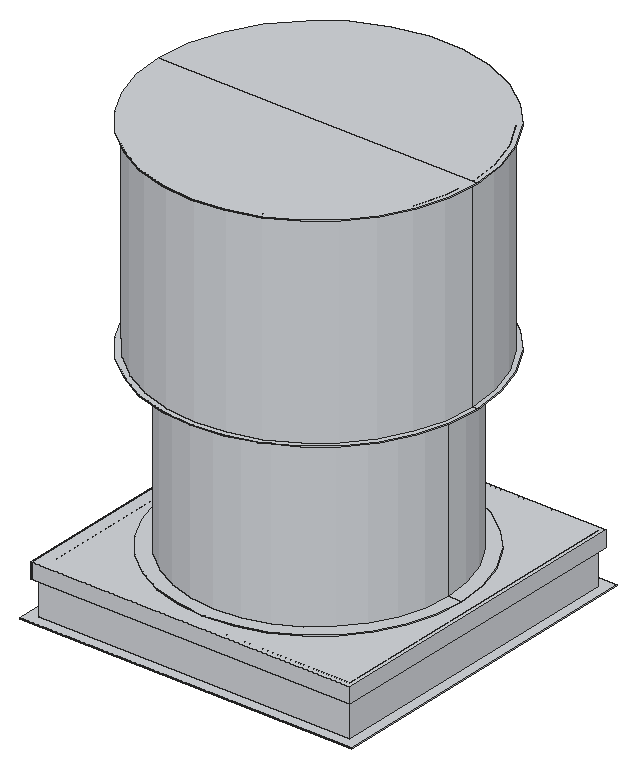
Revit family "AVAD_Roof_Exhauster", category Mechanical Equipment, Revit 2019
Family settings
  Round Connector Dimension = Use Diameter
  Part Type = Normal
  Work Plane-Based = No
  Always vertical = Yes
  Cut with Voids When Loaded = No
  Shared = No
  Room Calculation Point = No
Parameters (values of type "49_AVAD_ROOF_EXHAUSTER")
  Unit Weight [instance] = ""
  UP_A = 6' - 3 1/2"
  T_SQ = 5' - 0 1/2"
  RO/2 = RO / 2  # 2' - 4"
  RO = T_SQ - 0' 4 1/2"  # 4' - 8"
  P/2 = P / 2  # 0' - 0 5/16"
  P = 0' - 0 5/8"
  N = 1' - 5"
  ModelID [instance] = ""
  M/2 = M / 2  # 2' - 4"
  M = 4' - 8"
  L-.125" = L - 0' 0 1/8"  # 2' - 7 3/8"
  K+K = K + K  # 0' - 3 1/2"
  K = 0' - 1 3/4"
  J/2 = J / 2  # 1' - 9 3/4"
  J = 3' - 7 1/2"
  L-(C/2) = L - (C / 2)  # 0' - 5 1/4"
  L = 2' - 7 1/2"
  H-(A/2) = H - (A / 2)  # 2' - 5 1/8"
  H+L = H + L  # 7' - 1 1/4"
  H = 4' - 5 3/4"
  Sones [instance] = ""
  Motor RPM [instance] = ""
  Motor Enclosure [instance] = ""
  LwA [instance] = ""
  G = 12' - 0"
  Fan RPM [instance] = ""
  F/2 = F / 2  # 0' - 0 9/32"
  F = 0' - 0 9/16"
  E/2 = E / 2  # 1' - 5"
  E-2" = E - 0' 2"  # 2' - 8"
  E = 2' - 10"
  CURB_HEIGHT [instance] = 0' - 9 1/2"
  CURB [instance] = yes
  C/2+L = C / 2 + L  # 4' - 9 3/4"
  C/2 = C / 2  # 2' - 2 1/4"
  C = 4' - 4 1/2"
  B/2 = B / 2  # 2' - 3 3/8"
  B = 4' - 6 3/4"
  Accessories [instance] = ""
  A/3 = A / 2.5  # 1' - 7.7"
  A/2 = A / 2  # 2' - 0 5/8"
  A = 4' - 1 1/4"
  60 = 60.00°  # constant formula
  30 = 30.00°  # constant formula
  3" = 0' - 3"  # constant formula
  Brake Hp [instance] = ""
  4" = 0' - 4"  # constant formula
  2' = 2' - 0"
  2" = 0' - 2"  # constant formula
  1" = 0' - 1"  # constant formula
  0 = 0' - 0"  # constant formula
  Voltage [instance] = 0 V
  URL = "www.lorencook.com"
  Type Comments = "Adjustable Pitch Vane Axial Roof Exhauster Direct Drive Arrangement 4"  # constant formula
  Static Pressure [instance] = 0.00 in-wg
  Power [instance] = Voltage * Motor FLA * sqrt(if(Phase = 3, 3, 1))  # 0 VA
  Phase [instance] = 0
  Number of Poles [instance] = 1
  Motor Hp [instance] = "0"
  Motor FLA [instance] = 0 A
  Model = "AVAD"  # constant formula
  Manufacturer = "Loren Cook Company"
  CFM [instance] = 0 CFM
  1.5 = 0' - 1 1/2"  # constant formula
  ONE EIGTH = 0' - 0 1/8"  # constant formula
  -E/2 = -E / 2  # -1' - 5"
  -(E/2)+2" = -(E / 2) + 0' 2"  # -1' - 3"
  -(E-.25")/2 = -(E - 0' 0 1/4") / 2  # -1' - 4 7/8"
  (T_SQ/2)+.125" = (T_SQ / 2) + 0' 0 1/8"  # 2' - 6 3/8"
  (H-(A/2))/2 = (H - (A / 2)) / 2  # 1' - 2 9/16"
  (E/2)-2" = (E / 2) - 0' 2"  # 1' - 3"
  (E-.25")/2 = (E - 0' 0 1/4") / 2  # 1' - 4 7/8"
  (B/2)+2" = (B / 2) + 0' 2"  # 2' - 5 3/8"
  (A+.25")/2 = (A + 0' 0 1/4") / 2  # 2' - 0 3/4"
Types (9): name | UP_A | T_SQ | RO/2 | RO | P/2 | P | N | M/2 | M | L-.125" | K+K | K | J/2 | J | L-(C/2) | L | H-(A/2) | H+L | H | G | F/2 | F | E/2 | E-2" | E | C/2+L | C/2 | C | B/2 | B | A/3 | A/2 | A | -E/2 | -(E/2)+2" | -(E-.25")/2 | (T_SQ/2)+.125" | (H-(A/2))/2 | (E/2)-2" | (E-.25")/2 | (B/2)+2" | (A+.25")/2
  (no name) | 6' - 3 1/2" | 5' - 0 1/2" | 2' - 4" | 4' - 8" | 0' - 0 5/16" | 0' - 0 5/8" | 1' - 5" | 2' - 4" | 4' - 8" | 2' - 7 3/8" | 0' - 3 1/2" | 0' - 1 3/4" | 1' - 9 3/4" | 3' - 7 1/2" | 0' - 5 1/4" | 2' - 7 1/2" | 2' - 5 1/8" | 7' - 1 1/4" | 4' - 5 3/4" | 12' - 0" | 0' - 0 9/32" | 0' - 0 9/16" | 1' - 5" | 2' - 8" | 2' - 10" | 4' - 9 3/4" | 2' - 2 1/4" | 4' - 4 1/2" | 2' - 3 3/8" | 4' - 6 3/4" | 1' - 7.7" | 2' - 0 5/8" | 4' - 1 1/4" | -1' - 5" | -1' - 3" | -1' - 4 7/8" | 2' - 6 3/8" | 1' - 2 9/16" | 1' - 3" | 1' - 4 7/8" | 2' - 5 3/8" | 2' - 0 3/4"
  35_AVAD_ROOF_EXHAUSTER | 4' - 11" | 3' - 10" | 1' - 8 3/4" | 3' - 5 1/2" | 0' - 0 5/16" | 0' - 0 5/8" | 1' - 0" | 1' - 8 1/2" | 3' - 5" | 1' - 10 7/8" | 0' - 3 1/4" | 0' - 1 5/8" | 1' - 7 7/8" | 3' - 3 3/4" | 0' - 4" | 1' - 11" | 2' - 6 1/8" | 5' - 10 7/8" | 3' - 11 7/8" | 12' - 0" | 0' - 0 9/32" | 0' - 0 9/16" | 1' - 3" | 2' - 4" | 2' - 6" | 3' - 6" | 1' - 7" | 3' - 2" | 1' - 7 15/16" | 3' - 3 7/8" | 1' - 2.2" | 1' - 5 3/4" | 2' - 11 1/2" | -1' - 3" | -1' - 1" | -1' - 2 7/8" | 1' - 11 1/8" | 1' - 3 1/16" | 1' - 1" | 1' - 2 7/8" | 1' - 9 15/16" | 1' - 5 7/8"
  39_AVAD_ROOF_EXHAUSTER | 4' - 11" | 4' - 2" | 1' - 10 3/4" | 3' - 9 1/2" | 0' - 0 5/16" | 0' - 0 5/8" | 1' - 1 3/8" | 1' - 10 1/2" | 3' - 9" | 2' - 1 7/8" | 0' - 3 1/2" | 0' - 1 3/4" | 1' - 7 3/4" | 3' - 3 1/2" | 0' - 5 1/16" | 2' - 2" | 2' - 6 3/16" | 6' - 3 7/8" | 4' - 1 7/8" | 12' - 0" | 0' - 0 9/32" | 0' - 0 9/16" | 1' - 3" | 2' - 4" | 2' - 6" | 3' - 10 15/16" | 1' - 8 15/16" | 3' - 5 7/8" | 1' - 9 31/32" | 3' - 7 15/16" | 1' - 3 3/4" | 1' - 7 11/16" | 3' - 3 3/8" | -1' - 3" | -1' - 1" | -1' - 2 7/8" | 2' - 1 1/8" | 1' - 3 3/32" | 1' - 1" | 1' - 2 7/8" | 1' - 11 31/32" | 1' - 7 13/16"
  44_AVAD_ROOF_EXHAUSTER | 5' - 3" | 4' - 7 1/2" | 2' - 1 1/2" | 4' - 3" | 0' - 0 5/16" | 0' - 0 5/8" | 1' - 3 3/8" | 2' - 1 1/2" | 4' - 3" | 2' - 4 3/8" | 0' - 3 1/2" | 0' - 1 3/4" | 1' - 9 3/4" | 3' - 7 1/2" | 0' - 4 13/16" | 2' - 4 1/2" | 2' - 7 3/16" | 6' - 9 3/4" | 4' - 5 1/4" | 12' - 0" | 0' - 0 9/32" | 0' - 0 9/16" | 1' - 5" | 2' - 8" | 2' - 10" | 4' - 4 3/16" | 1' - 11 11/16" | 3' - 11 3/8" | 2' - 0 13/16" | 4' - 1 5/8" | 1' - 5.65" | 1' - 10 1/16" | 3' - 8 1/8" | -1' - 5" | -1' - 3" | -1' - 4 7/8" | 2' - 3 7/8" | 1' - 3 19/32" | 1' - 3" | 1' - 4 7/8" | 2' - 2 13/16" | 1' - 10 3/16"
  49_AVAD_ROOF_EXHAUSTER | 6' - 3 1/2" | 5' - 0 1/2" | 2' - 4" | 4' - 8" | 0' - 0 5/16" | 0' - 0 5/8" | 1' - 5" | 2' - 4" | 4' - 8" | 2' - 7 3/8" | 0' - 3 1/2" | 0' - 1 3/4" | 1' - 9 3/4" | 3' - 7 1/2" | 0' - 5 1/4" | 2' - 7 1/2" | 2' - 5 1/8" | 7' - 1 1/4" | 4' - 5 3/4" | 12' - 0" | 0' - 0 9/32" | 0' - 0 9/16" | 1' - 5" | 2' - 8" | 2' - 10" | 4' - 9 3/4" | 2' - 2 1/4" | 4' - 4 1/2" | 2' - 3 3/8" | 4' - 6 3/4" | 1' - 7.7" | 2' - 0 5/8" | 4' - 1 1/4" | -1' - 5" | -1' - 3" | -1' - 4 7/8" | 2' - 6 3/8" | 1' - 2 9/16" | 1' - 3" | 1' - 4 7/8" | 2' - 5 3/8" | 2' - 0 3/4"
  57_AVAD_ROOF_EXHAUSTER | 7' - 5 1/2" | 5' - 8 1/2" | 2' - 8" | 5' - 4" | 0' - 0 5/16" | 0' - 0 5/8" | 1' - 9" | 2' - 10" | 5' - 8" | 2' - 8 7/8" | 0' - 3 1/2" | 0' - 1 3/4" | 2' - 4 3/4" | 4' - 9 1/2" | 0' - 3 1/16" | 2' - 9" | 3' - 1 3/16" | 8' - 2 3/4" | 5' - 5 3/4" | 12' - 0" | 0' - 0 9/32" | 0' - 0 9/16" | 1' - 9" | 3' - 4" | 3' - 6" | 5' - 2 15/16" | 2' - 5 15/16" | 4' - 11 7/8" | 2' - 7 5/16" | 5' - 2 5/8" | 1' - 10.85" | 2' - 4 9/16" | 4' - 9 1/8" | -1' - 9" | -1' - 7" | -1' - 8 7/8" | 2' - 10 3/8" | 1' - 6 19/32" | 1' - 7" | 1' - 8 7/8" | 2' - 9 5/16" | 2' - 4 11/16"
  63_AVAD_ROOF_EXHAUSTER | 6' - 11 1/2" | 6' - 2 1/4" | 2' - 10 7/8" | 5' - 9 3/4" | 0' - 0 3/8" | 0' - 0 3/4" | 1' - 9 5/8" | 2' - 11" | 5' - 10" | 3' - 3 7/8" | 0' - 3 1/2" | 0' - 1 3/4" | 2' - 4 3/4" | 4' - 9 1/2" | 0' - 6 7/8" | 3' - 4" | 3' - 1 1/8" | 9' - 0 5/8" | 5' - 8 5/8" | 16' - 0" | 0' - 0 11/32" | 0' - 0 11/16" | 1' - 9" | 3' - 4" | 3' - 6" | 6' - 1 1/8" | 2' - 9 1/8" | 5' - 6 1/4" | 2' - 10 1/4" | 5' - 8 1/2" | 2' - 1.2" | 2' - 7 1/2" | 5' - 3" | -1' - 9" | -1' - 7" | -1' - 8 7/8" | 3' - 1 1/4" | 1' - 6 9/16" | 1' - 7" | 1' - 8 7/8" | 3' - 0 1/4" | 2' - 7 5/8"
  71_AVAD_ROOF_EXHAUSTER | 7' - 11 1/2" | 6' - 11" | 3' - 3 1/4" | 6' - 6 1/2" | 0' - 0 3/8" | 0' - 0 3/4" | 2' - 0 3/8" | 3' - 3 1/4" | 6' - 6 1/2" | 3' - 7 7/8" | 0' - 4 1/2" | 0' - 2 1/4" | 2' - 9 3/4" | 5' - 7 1/2" | 0' - 6 1/2" | 3' - 8" | 3' - 1 5/16" | 9' - 8 3/4" | 6' - 0 3/4" | 16' - 0" | 0' - 0 11/32" | 0' - 0 11/16" | 2' - 3" | 4' - 4" | 4' - 6" | 6' - 9 1/2" | 3' - 1 1/2" | 6' - 3" | 3' - 2 13/16" | 6' - 5 5/8" | 2' - 4.35" | 2' - 11 7/16" | 5' - 10 7/8" | -2' - 3" | -2' - 1" | -2' - 2 7/8" | 3' - 5 5/8" | 1' - 6 21/32" | 2' - 1" | 2' - 2 7/8" | 3' - 4 13/16" | 2' - 11 9/16"
  79_AVAD_ROOF_EXHAUSTER | 8' - 3 5/8" | 7' - 7" | 3' - 7 1/4" | 7' - 2 1/2" | 0' - 0 3/8" | 0' - 0 3/4" | 2' - 3 3/8" | 3' - 7 1/2" | 7' - 3" | 3' - 11 3/8" | 0' - 4 1/2" | 0' - 2 1/4" | 2' - 9 3/4" | 5' - 7 1/2" | 0' - 6 1/16" | 3' - 11 1/2" | 3' - 1 1/4" | 10' - 4 1/8" | 6' - 4 5/8" | 16' - 0" | 0' - 0 11/32" | 0' - 0 11/16" | 2' - 3" | 4' - 4" | 4' - 6" | 7' - 4 15/16" | 3' - 5 7/16" | 6' - 10 7/8" | 3' - 6 25/32" | 7' - 1 9/16" | 2' - 7 1/2" | 3' - 3 3/8" | 6' - 6 3/4" | -2' - 3" | -2' - 1" | -2' - 2 7/8" | 3' - 9 5/8" | 1' - 6 5/8" | 2' - 1" | 2' - 2 7/8" | 3' - 8 25/32" | 3' - 3 1/2"
Reference planes (in)
  plane 1 "Center (Front/Back)": y = 0
  plane 2: z = 0
  plane 3 "Center (Left/Right)": x = 0.40541
Forms (in)
  Revolve 1, solid
    sketch origin (0, 0, 0) x (1, 0, 0) y (0, 0, 1)
      loop
        line (0.40541, 3) -> (27.78041, 3) -> (27.78041, 3.125) -> (25.15541, 3.125) -> (25.15541, 36.875) -> (27.78041, 36.875) -> (27.78041, 37) -> (0.40541, 37) -> (0.40541, 3)
      axis (0.40541, 37) -> (0.40541, 3)
    angle from 0 to 360
  Extrusion 2, solid
    sketch origin (0, 0, 0) x (1, 0, 0) y (0, 1, 0)
      loop
        line (-29.96959, 30.375) -> (-29.96959, -30.375) -> (30.78041, -30.375) -> (30.78041, 30.375) -> (-29.96959, 30.375)
    from 0 to 3
  Extrusion 3, void
    sketch origin (0, 0, 0) x (1, 0, 0) y (0, 1, 0)
      loop
        line (-29.84459, 30.25) -> (-29.84459, -30.25) -> (30.65541, -30.25) -> (30.65541, 30.25) -> (-29.84459, 30.25)
    from 0 to 2.875
  Revolve 4, solid
    sketch origin (0, 0, 0) x (1, 0, 0) y (0, 0, 1)
      loop
        line (0.40541, 36.875) -> (30.78041, 36.875) -> (30.78041, 37) -> (29.78041, 37) -> (29.78041, 75.375) -> (30.78041, 75.375) -> (30.78041, 75.5) -> (0.40541, 75.5) -> (0.40541, 36.875)
      axis (0.40541, 75.5) -> (0.40541, 36.875)
    angle from 0 to 360
  Extrusion 5, solid, visible <- "CURB"
    sketch origin (0, 0, 2.875) x (0, 1, 0) y (1, 0, 0)
      loop
        line (28, -27.59459) -> (28, 28.40541) -> (-28, 28.40541) -> (-28, -27.59459) -> (28, -27.59459)
      loop
        line (-29.5, 29.90541) -> (-29.5, -29.09459) -> (29.5, -29.09459) -> (29.5, 29.90541) -> (-29.5, 29.90541)
    from 0 to 9.5 <- "CURB_HEIGHT"
  Extrusion 6, solid, visible <- "CURB"
    sketch origin (0, 0, -6.625) x (-1, 0, 0) y (0, 1, 0)
      loop
        line (29.09459, -29.5) -> (29.09459, 29.5) -> (-29.90541, 29.5) -> (-29.90541, -29.5) -> (29.09459, -29.5)
      loop
        line (-31.90541, 31.5) -> (-31.90541, -31.5) -> (31.09459, -31.5) -> (31.09459, 31.5) -> (-31.90541, 31.5)
    from 0 to -0.125
Cuts and joins
  Extrusion 3 cuts Extrusion 2
Dimensions and locks (in)
  "0": Revolve 1 sketch curve to plane 3 "Center (Left/Right)"  (x2)
  "(A+.25")/2": Revolve 1 sketch curve to Revolve 1 sketch curve
  "B/2": Revolve 1 sketch curve to Revolve 1 sketch curve  (x2)
  "ONE EIGTH": Revolve 1 sketch curve to Revolve 1 sketch curve  (x2)
  "E": Revolve 1 sketch curve to Revolve 1 sketch curve
  "3"": Revolve 1 sketch curve to level
  "(T_SQ/2)+.125"": Extrusion 2 sketch curve to plane 3 "Center (Left/Right)"
  "(T_SQ/2)+.125"": plane 3 "Center (Left/Right)" to Extrusion 2 sketch curve
  "(T_SQ/2)+.125"": plane 1 "Center (Front/Back)" to Extrusion 2 sketch curve
  "(T_SQ/2)+.125"": Extrusion 2 sketch curve to plane 1 "Center (Front/Back)"
  "ONE EIGTH": Extrusion 3 sketch curve to Extrusion 2  (x2)
  "ONE EIGTH": Extrusion 2 to Extrusion 3 sketch curve  (x2)
  "0": Revolve 4 sketch curve to plane 3 "Center (Left/Right)"  (x2)
  "0": Revolve 4 sketch curve to Revolve 1
  "ONE EIGTH": Revolve 4 sketch curve to Revolve 4 sketch curve  (x2)
  "UP_A": Revolve 4 sketch curve to level
  "1"": Revolve 4 sketch curve to Revolve 4 sketch curve  (x2)
  "(B/2)+2"": Revolve 4 sketch curve to plane 3 "Center (Left/Right)"
  "1.5": Extrusion 5 sketch curve to Extrusion 5 sketch curve  (x4)
  "RO/2": Extrusion 5 sketch curve to plane 3 "Center (Left/Right)"
  "RO/2": plane 3 "Center (Left/Right)" to Extrusion 5 sketch curve
  "RO/2": plane 1 "Center (Front/Back)" to Extrusion 5 sketch curve
  "RO/2": Extrusion 5 sketch curve to plane 1 "Center (Front/Back)"
  "2"": Extrusion 6 sketch curve to Extrusion 6 sketch curve  (x4)
  "0": Extrusion 6 sketch curve to Extrusion 5  (x3)
  "0": Extrusion 5 to Extrusion 6 sketch curve
Automatic sketch dimensions
  Revolve 1 sketch curve to level = 0' - 11 7/8"
  level to Revolve 1 sketch curve = 0' - 0 1/8"
  level to Revolve 4 sketch curve = 2' - 7.20035"
  Revolve 4 sketch curve to Revolve 4 sketch curve = 2' - 0"
Connectors (in)
  electrical at (0.40541, 0, 0)
    settings: on cut or joined group of Extrusion 2, Extrusion 3, index 3, voltage 0 V, apparent load 0 VA, apparent load phase1 0 VA, apparent load phase2 0 VA, apparent load phase3 0 VA, power factor 1, load classification "Other", number of poles 1, system type 30, power factor state 1, is connector primary yes, connector utility no, sub classification motor no, connector description ""
  hvac at (0.40541, 0, 2.875), driven by "CFM", driven by "RO", driven by "RO"
    settings: on cut or joined group of Extrusion 2, Extrusion 3, index 4, duct flow 0 CFM, flow factor 0, pres drop 0.00 in-wg, loss coef 0, conn angle 0.00°, conn width 56", conn height 56", conn diameter 24", duct sys type 3, conn prof type 1, flow config 0, flow direction 1, loss method 0, conn ref index -1, conn util no, is conn primary yes, conn desc ""
